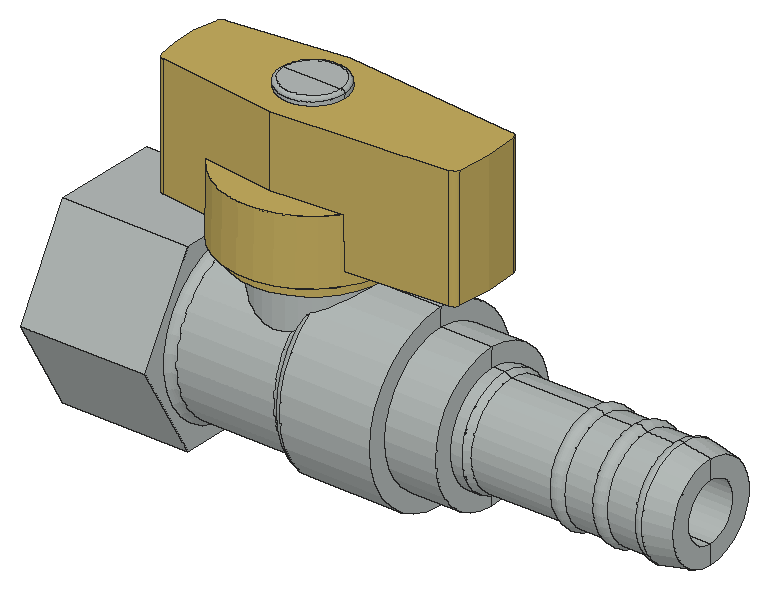
Revit family "QP21500000", category Apparecchi idraulici, Revit 2020
Family settings
  Quota connettore circolare = Usa diametro
  Tipo di parte = Normale
  Numero OmniClass = 23.45.00.00
  Titolo OmniClass = Sanitary, Laundry, and Cleaning Equipment
  Basato su piano di lavoro = No
  Sempre verticale = Sì
  Taglio con vuoti quando caricato = No
  Condiviso = No
  Punto di calcolo locali = No
Parameters
  URL = "https://web.cimberio.com/index.php/figura/135?subcategoria_id="
  Temperatura di esercizio = "-20 ÷ 60°C"
  Prospetto di default = 0 mm
  Produttore = "CIMBERIO SPA"
  Pressione nominale = "MOP 5"
  Modello = "Cim 172"
  Materiale = "Prodotto in lega di ottone conforme alla norma EN 12165-CW617N-DW"
  Descrizione = "Utilizzato nell’impiantistica distributiva di gas a bassa pressione per le categorie:\r\nGas naturali: gas derivati dal petrolio (Metano) e gas di ricambio.\r\nGas di città: prodotti secondo i diversi procedimenti (Cracking - Cokerie - ecc.).\r\nGas liquidi: propano e miscele di gas propano/butano"
  DN Model [instance] = QP21503110 : QP21503110
  DN [instance] = 15 mm
  Commenti sul tipo = "Realizzato in ottemperanza ai requisiti gestionali della norma EN ISO 9001.\r\nCollaudato al 100% secondo la normativa EN 12266-1"
Reference planes
  plane 1 "Centro (Fronte/Retro)": y = 0
  plane 2: z = 0
  plane 3 "Centro (Sinistra/Destra)": x = 0
Dimensions and locks
  aligned and locked: level to plane 2
Nested families
  nested 1: "QP21503110" at (0, 0, 0), type <- "DN Model", type "QP21503110"
  nested 2: "QP21503110" at (0, 0, 0), type <- "DN Model", type "QP21503110"
  nested 3: "QP21503110" at (0, 0, 0), type <- "DN Model", type "QP21503110"
  nested 4: "QP21503110" at (0, 0, 0), type <- "DN Model", type "QP21503110"
Connectors
  piping at (56.067, 0, 0), diameter 15, driven by "DN"
    settings: on nested 1, index 1, connector inside diameter 609.6 mm, connector length 0 mm, flow factor 0, pipe flow 0.0 L/s, pressure drop 0.0 Pa, fitting loss kfactor 0, connector angle 0.00°, fixture units 0, engagement length 0 mm, angle of deflection 0.00°, flow configuration 0, flow direction 0, fitting loss method 0, system type 7, joint type 0, gender type 0, connector reference index -1, connector utility 0, adjustable connector no, is connector primary yes, connector description ""
  piping at (-29.233, 0, 0), diameter 15, driven by "DN"
    settings: on nested 1, index 2, connector inside diameter 609.6 mm, connector length 0 mm, flow factor 0, pipe flow 0.0 L/s, pressure drop 0.0 Pa, fitting loss kfactor 0, connector angle 0.00°, fixture units 0, engagement length 0 mm, angle of deflection 0.00°, flow configuration 0, flow direction 0, fitting loss method 0, system type 7, joint type 0, gender type 0, connector reference index -1, connector utility 0, adjustable connector no, is connector primary no, connector description ""
Definition of nested family "QP21503110"
  Parameters (values of type "QP21503110")
    URL = ""
    Default Elevation = 0 mm
    Manufacturer = ""
    Model = ""
    Description = ""
    Type Comments = ""
  Reference planes
    plane 1 "Centro (Fronte/Retro)": y = 0
    plane 2: z = 0
    plane 3 "Centro (Sinistra/Destra)": x = 0
  Forms (mm)
    Revolve 1, solid
      sketch origin (0.744, 0, 1.406) x (1, 0, 0) y (0, 0, 1)
        loop
          line (11.146, 13.716) -> (10.988, 22.789) -> (-0.448, 22.789) -> (-0.448, 11.85) -> (9.552, 11.85) -> (9.552, 12.795) -> (11.146, 13.716)
        axis (-0.754, 11.85) -> (-0.754, 22.789)
      angle from 0 to 360
    Revolve 2, solid
      sketch origin (0.751, 0, 1.446) x (1, 0, 0) y (0, 0, 1)
        loop
          arc (3.746, 33.15) -> (3.6, 33.504) -> (3.246, 33.65) r 0.5
          line (3.246, 33.65) -> (-0.754, 33.65) -> (-0.754, 31.443) -> (3.746, 31.443) -> (3.746, 33.15)
        axis (-0.754, 33.65) -> (-0.754, 31.443)
      angle from 0 to 360
    Extrusion 3, solid
      sketch origin (1.758, 0, 1.45) x (1, 0, 0) y (0, 1, 0)
        loop
          arc (-19.114, 4.772) -> (-19.758, -0.042) -> (-19.091, -4.852) r 18
          arc (-19.091, -4.852) -> (-18.778, -5.343) -> (-18.244, -5.576) r 1
          line (-18.244, -5.576) -> (-1.755, -7.5) -> (21.908, -5.5)
          arc (21.908, -5.5) -> (22.493, -5.247) -> (22.806, -4.691) r 1
          arc (22.806, -4.691) -> (23.25, 0) -> (22.806, 4.691) r 25
          arc (22.806, 4.691) -> (22.489, 5.25) -> (21.897, 5.501) r 1
          line (21.897, 5.501) -> (-2.38, 7.425) -> (-18.27, 5.5)
          arc (-18.27, 5.5) -> (-18.802, 5.265) -> (-19.114, 4.772) r 1
      from 15.62 to 32.65
    Revolve 4, solid
      sketch origin (1.758, 0, 0) x (1, 0, 0) y (0, 0, 1)
        loop
          line (-0.754, 4.83) -> (7.416, 4.83) -> (7.416, 16.081) -> (-0.754, 16.081) -> (-0.754, 4.83)
        axis (-0.754, 16.081) -> (-0.754, 4.83)
      angle from 0 to 360
    Revolve 5, solid
      sketch origin (0, 0, 0) x (1, 0, 0) y (0, 0, 1)
        loop
          line (18.067, -12.494) -> (18.067, -9.994) -> (25.323, -9.994) -> (25.323, -4) -> (-11.666, -4) -> (-11.666, -11.78)
          arc (-11.666, -11.78) -> (-11.117, -11.231) -> (-10.367, -11.03) r 1.5
          line (-10.367, -11.03) -> (3.324, -11.03)
          arc (3.324, -11.03) -> (3.81, -11.156) -> (4.191, -11.497) r 1
          arc (4.191, -11.497) -> (4.648, -12.134) -> (5.344, -12.494) r 1.682
          line (5.344, -12.494) -> (18.067, -12.494)
        axis (-11.666, 0) -> (25.323, 0)
      angle from 0 to 360
    Revolve 6, solid
      sketch origin (0, 0, 0) x (1, 0, 0) y (0, 0, 1)
        loop
          line (56.067, 4) -> (56.067, 6.678) -> (52.327, 7.473)
          arc (52.327, 7.473) -> (51.628, 7.42) -> (51.067, 7) r 1.25
          line (51.067, 7) -> (47.067, 7)
          arc (47.067, 7) -> (46.067, 7.5) -> (45.067, 7) r 1.25
          line (45.067, 7) -> (41.067, 7)
          arc (41.067, 7) -> (40.067, 7.5) -> (39.067, 7) r 1.25
          line (39.067, 7) -> (27.933, 7) -> (27.067, 7.5) -> (25.067, 7.5) -> (25.067, 4) -> (56.067, 4)
        axis (56.067, 0) -> (25.067, 0)
      angle from 0 to 360
    Extrusion 7, solid
      sketch origin (0, 0, 0) x (0, 1, 0) y (0, 0, 1)
        loop
          circle (0, 0) r 4.006
        loop
          line (-14.9, 0) -> (-7.45, -12.904) -> (7.45, -12.904) -> (14.9, 0) -> (7.45, 12.904) -> (-7.45, 12.904) -> (-14.9, 0)
      from -29.233 to -11.666
  Dimensions and locks
    aligned and locked: level to plane 2
